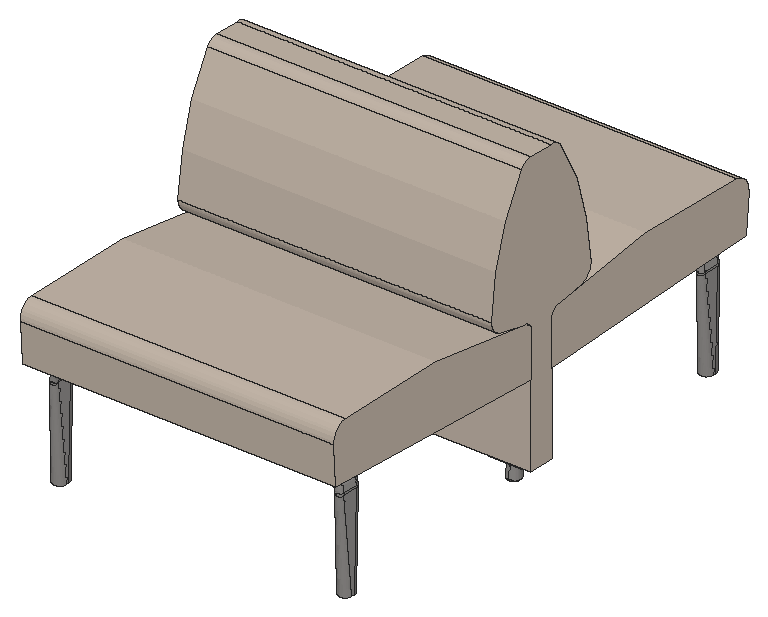
Revit family "FU_Modular_Sandler_Ambit 1045", category Furniture, Revit 2020
Family settings
  OmniClass Number = 23.40.20.00
  OmniClass Title = General Furniture and Specialties
  Work Plane-Based = No
  Always vertical = Yes
  Cut with Voids When Loaded = No
  Shared = No
  Room Calculation Point = No
Parameters (values of type "Ambit 1045")
  Width = 800 mm
  URL = "https://www.sandlerseating.com/product/ambit-1045/"
  Seat [instance] = Fabric - Gravity - Wheat CPC21
  Model = "Ambit 1045"
  Manufacturer = "Sandler"
  Height = 770 mm
  Frame [instance] = Metal - Paint -AL VR - Pewter
  Description = "Modular seating system. Upholstered seat and back, with feet in cast aluminium."
  Depth = 1320 mm
  Default Elevation = 0 mm
  Back [instance] = Fabric - Gravity - Wheat CPC21
Reference planes
  plane 1 "Center (Front/Back)": y = 0
  plane 2: z = 0
  plane 3 "Center (Left/Right)": x = 0
  plane 4 "Right": x = -400
  plane 5 "Left": x = 400
  plane 6 "Back": y = 660
  plane 7 "Front": y = -660
  plane 8 "Height": z = 770
  plane 9 "Seat height": z = 430
Dimensions and locks
  equal spacing: plane 4 "Right", plane 3 "Center (Left/Right)", plane 5 "Left"
  "Width": plane 4 "Right" to plane 5 "Left"
  equal spacing: plane 6 "Back", plane 1 "Center (Front/Back)", plane 7 "Front"
  "Depth": plane 6 "Back" to plane 7 "Front"
  "Height": plane 8 "Height" to level
  plane 9 "Seat height" to level = 430 mm
  aligned and locked: level to plane 2
Nested families
  nested 1: "Ambit DoubleBack" at (0, 0, 0), Back <- "Back", Frame <- "Frame", type "Ambit DoubleBack"
    with Frame Metal - Paint -AL VR - Pewter, Back Fabric - Gravity - Wheat CPC21
  nested 2: "Ambit Seat" at (0, -310, 0), Back <- "Back", Frame <- "Frame", Seat <- "Seat", type "Ambit Seat"
    with Seat Fabric - Gravity - Wheat CPC21, Frame Metal - Paint -AL VR - Pewter, Back Fabric - Gravity - Wheat CPC21
  nested 3: "Ambit Seat" at (0, 310, 0), Back <- "Back", Frame <- "Frame", Seat <- "Seat", type "Ambit Seat"
    with Seat Fabric - Gravity - Wheat CPC21, Frame Metal - Paint -AL VR - Pewter, Back Fabric - Gravity - Wheat CPC21
Definition of nested family "Ambit DoubleBack"
  Parameters (values of type "Ambit DoubleBack")
    Width = 800 mm
    Height = 770 mm
    Frame [instance] = none
    Depth = 320 mm
    Default Elevation = 0 mm
    Back [instance] = none
  Reference planes
    plane 1 "Center (Front/Back)": y = 0
    plane 2: z = 0
    plane 3 "Center (Left/Right)": x = 0
    plane 4 "Right": x = -400
    plane 5 "Left": x = 400
    plane 6 "Back": y = 160
    plane 7 "Front": y = -160
    plane 8 "Height": z = 770
    plane 9 "Seat height": z = 430
  Forms (mm)
    Revolve 1, solid, material <- "Frame"
      sketch origin (330.534, -318.685, 0) x (0, 1, 0) y (0, 0, 1)
        loop
          line (304.423, 40.637) -> (301.57, 2.1)
          arc (301.57, 2.1) -> (301.901, 0.817) -> (302.944, 0) r 2.065
          line (302.944, 0) -> (318.961, 0) -> (318.961, 48.022) -> (299.441, 48.022) -> (299.441, 46.076)
          arc (299.441, 46.076) -> (303.107, 44.432) -> (304.423, 40.637) r 5.065
        axis (318.961, 48.022) -> (318.961, 0)
      angle from 0 to 360
    Extrusion 2, solid, material <- "Frame"
      sketch origin (-0.482, -318.685, 51.603) x (0, -1, 0) y (1, 0, 0)
        loop
          arc (-347.852, 290.046) -> (-347.258, 288.613) -> (-345.824, 288.019) r 2.027
          line (-345.824, 288.019) -> (-291.875, 288.019)
          arc (-291.875, 288.019) -> (-290.444, 288.611) -> (-289.852, 290.042) r 2.023
          line (-289.852, 290.042) -> (-289.852, 372.037)
          arc (-289.852, 372.037) -> (-290.431, 373.436) -> (-291.83, 374.016) r 1.978
          line (-291.83, 374.016) -> (-345.837, 374.016)
          arc (-345.837, 374.016) -> (-347.262, 373.426) -> (-347.852, 372.001) r 2.015
          line (-347.852, 372.001) -> (-347.852, 290.046)
      from -5.528 to 0
    Revolve 3, solid, material <- "Frame"
      sketch origin (-330.534, -318.685, 0) x (0, 1, 0) y (0, 0, -1)
        loop
          arc (304.423, -40.637) -> (303.107, -44.432) -> (299.441, -46.076) r 5.065
          line (299.441, -46.076) -> (299.441, -48.022) -> (318.961, -48.022) -> (318.961, 0) -> (302.944, 0)
          arc (302.944, 0) -> (301.901, -0.817) -> (301.57, -2.1) r 2.065
          line (301.57, -2.1) -> (304.423, -40.637)
        axis (318.961, -48.022) -> (318.961, 0)
      angle from 0 to 360
    Extrusion 4, solid, material <- "Frame"
      sketch origin (0.482, -318.685, 51.603) x (0, -1, 0) y (1, 0, 0)
        loop
          line (-347.852, -290.046) -> (-347.852, -372.001)
          arc (-347.852, -372.001) -> (-347.262, -373.426) -> (-345.837, -374.016) r 2.015
          line (-345.837, -374.016) -> (-291.83, -374.016)
          arc (-291.83, -374.016) -> (-290.431, -373.436) -> (-289.852, -372.037) r 1.978
          line (-289.852, -372.037) -> (-289.852, -290.042)
          arc (-289.852, -290.042) -> (-290.444, -288.611) -> (-291.875, -288.019) r 2.023
          line (-291.875, -288.019) -> (-345.824, -288.019)
          arc (-345.824, -288.019) -> (-347.258, -288.613) -> (-347.852, -290.046) r 2.027
      from -5.528 to 0
    Extrusion 5, solid, material <- "Back"
      sketch origin (0, 0, 0) x (0, 1, 0) y (0, 0, 1)
        loop
          line (-33, 51.603) -> (33, 51.603) -> (33, 376.265)
          arc (33, 376.265) -> (37.75, 387.916) -> (48.518, 394.425) r 20
          arc (48.518, 394.425) -> (88.097, 402.963) -> (127.858, 410.609) r 1800.168
          arc (127.858, 410.609) -> (148.84, 423.03) -> (156.619, 446.139) r 35
          arc (156.619, 446.139) -> (130.105, 606.219) -> (62.425, 753.69) r 611.524
          arc (62.425, 753.69) -> (49.728, 765.652) -> (32.833, 770) r 35
          line (32.833, 770) -> (-32.833, 770)
          arc (-32.833, 770) -> (-49.728, 765.652) -> (-62.425, 753.69) r 35
          arc (-62.425, 753.69) -> (-130.105, 606.219) -> (-156.619, 446.139) r 611.524
          arc (-156.619, 446.139) -> (-148.84, 423.03) -> (-127.858, 410.609) r 35
          arc (-127.858, 410.609) -> (-88.097, 402.963) -> (-48.518, 394.425) r 1800.168
          arc (-48.518, 394.425) -> (-37.75, 387.916) -> (-33, 376.265) r 20
          line (-33, 376.265) -> (-33, 51.603)
      from -400 to 400
  Dimensions and locks
    equal spacing: plane 4 "Right", plane 3 "Center (Left/Right)", plane 5 "Left"
    "Width": plane 4 "Right" to plane 5 "Left"
    equal spacing: plane 6 "Back", plane 1 "Center (Front/Back)", plane 7 "Front"
    "Depth": plane 6 "Back" to plane 7 "Front"
    "Height": plane 8 "Height" to level
    plane 9 "Seat height" to level = 430 mm
    aligned and locked: level to plane 2
  Automatic sketch dimensions
    Revolve 1 sketch curve to level = 0 mm
    level to Revolve 1 sketch curve = 41.011 mm
    Revolve 1 sketch curve to plane 6 "Back" = 179.313 mm
    Revolve 1 sketch curve to Revolve 1 sketch curve = 0.069 mm
    level to Revolve 1 sketch curve = 2.1 mm
    Revolve 1 sketch curve to Revolve 1 sketch curve = 2.198 mm
    Revolve 1 sketch curve to Revolve 1 sketch curve = 1.373 mm
    level to Revolve 1 sketch curve = 1.947 mm
    level to Revolve 1 sketch curve = 40.637 mm
    Revolve 1 sketch curve to Revolve 1 sketch curve = 5.051 mm
    Revolve 1 sketch curve to Revolve 1 sketch curve = 15.332 mm
    Revolve 1 sketch curve to Revolve 1 sketch curve = 7.385 mm
    Revolve 1 sketch curve to Revolve 1 sketch curve = 0 mm
    Revolve 1 sketch curve to level = 4.899 mm
    Revolve 1 sketch curve to Revolve 1 sketch curve = 5 mm
    plane 5 "Left" to Extrusion 2 sketch curve = 110.435 mm
    Extrusion 2 sketch curve to plane 6 "Back" = 130.833 mm
    Extrusion 2 sketch curve to Extrusion 2 sketch curve = 2.015 mm
    Extrusion 2 sketch curve to Extrusion 2 sketch curve = 2.027 mm
    Extrusion 2 sketch curve to Extrusion 2 sketch curve = 53.95 mm
    Extrusion 2 sketch curve to Extrusion 2 sketch curve = 54.007 mm
    Extrusion 2 sketch curve to Extrusion 2 sketch curve = 2.023 mm
    plane 5 "Left" to Extrusion 2 sketch curve = 28.481 mm
    Revolve 3 sketch curve to level = 0 mm
    level to Revolve 3 sketch curve = 41.011 mm
    Revolve 3 sketch curve to plane 6 "Back" = 179.313 mm
    Revolve 3 sketch curve to Revolve 3 sketch curve = 0.069 mm
    level to Revolve 3 sketch curve = 2.1 mm
    Revolve 3 sketch curve to Revolve 3 sketch curve = 2.198 mm
    Revolve 3 sketch curve to Revolve 3 sketch curve = 1.373 mm
    level to Revolve 3 sketch curve = 1.947 mm
    level to Revolve 3 sketch curve = 40.637 mm
    Revolve 3 sketch curve to Revolve 3 sketch curve = 5.051 mm
    Revolve 3 sketch curve to Revolve 3 sketch curve = 15.332 mm
    Revolve 3 sketch curve to Revolve 3 sketch curve = 1.946 mm
    Revolve 3 sketch curve to Revolve 3 sketch curve = 0 mm
    Revolve 3 sketch curve to Revolve 3 sketch curve = 5 mm
    Revolve 3 sketch curve to level = 4.899 mm
    Extrusion 4 sketch curve to plane 4 "Right" = 110.435 mm
    Extrusion 4 sketch curve to plane 6 "Back" = 130.833 mm
    Extrusion 4 sketch curve to Extrusion 4 sketch curve = 2.015 mm
    Extrusion 4 sketch curve to Extrusion 4 sketch curve = 2.027 mm
    Extrusion 4 sketch curve to Extrusion 4 sketch curve = 53.95 mm
    Extrusion 4 sketch curve to Extrusion 4 sketch curve = 54.007 mm
    Extrusion 4 sketch curve to Extrusion 4 sketch curve = 2.023 mm
    Extrusion 4 sketch curve to plane 4 "Right" = 28.481 mm
    Extrusion 5 sketch curve to plane 8 "Height" = 0 mm
    Extrusion 5 sketch curve to plane 7 "Front" = 287.893 mm
    Extrusion 5 sketch curve to plane 9 "Seat height" = 2.863 mm  (x2)
    Extrusion 5 sketch curve to plane 7 "Front" = 294.609 mm
    plane 9 "Seat height" to Extrusion 5 sketch curve = 15.052 mm  (x2)
    plane 7 "Front" to Extrusion 5 sketch curve = 38.364 mm
    plane 1 "Center (Front/Back)" to Extrusion 5 sketch curve = 52.955 mm
    plane 1 "Center (Front/Back)" to Extrusion 5 sketch curve = 33 mm
    plane 1 "Center (Front/Back)" to Extrusion 5 sketch curve = 32.833 mm
    Extrusion 5 sketch curve to plane 1 "Center (Front/Back)" = 32.833 mm
    Extrusion 5 sketch curve to plane 1 "Center (Front/Back)" = 33 mm
    Extrusion 5 sketch curve to Extrusion 5 sketch curve = 19.955 mm
    Extrusion 5 sketch curve to plane 6 "Back" = 38.364 mm
    plane 6 "Back" to Extrusion 5 sketch curve = 294.609 mm
    plane 6 "Back" to Extrusion 5 sketch curve = 287.893 mm
    Extrusion 5 sketch curve to plane 9 "Seat height" = 53.735 mm  (x2)
    Extrusion 5 sketch curve to Extrusion 5 sketch curve = 1.342 mm  (x2)
    level to Extrusion 5 sketch curve = 51.603 mm
    Extrusion 5 sketch curve to level = 1360.883 mm
    Extrusion 5 sketch curve to Extrusion 5 sketch curve = 0 mm  (x6)
    Extrusion 5 sketch curve to Extrusion 5 sketch curve = 35 mm  (x2)
    plane 7 "Front" to Extrusion 5 sketch curve = 3.381 mm
Definition of nested family "Ambit Seat"
  Parameters (values of type "Ambit 1040")
    Width = 800 mm
    URL = "https://www.sandlerseating.com/product/ambit-1040/"
    Seat [instance] = none
    Model = "Ambit 1040"
    Manufacturer = "Sandler"
    Height = 770 mm
    Frame [instance] = none
    Description = "Modular seating system. Upholstered seat and back, with feet in cast aluminium."
    Depth = 700 mm
    Default Elevation = 0 mm
    Back [instance] = none
  Reference planes
    plane 1 "Center (Front/Back)": y = 0
    plane 2: z = 0
    plane 3 "Center (Left/Right)": x = 0
    plane 4 "Right": x = -400
    plane 5 "Left": x = 400
    plane 6 "Back": y = 350
    plane 7 "Front": y = -350
    plane 8 "Height": z = 770
    plane 9 "Seat height": z = 430
    plane 10 "FFT C RIGHT": z = 285.404
    plane 11 "FFV  C RIGHT": y = -265.648
  Forms (mm)
    SweptBlend 1, solid, material <- "Frame"
      path origin (0, -265.648, 0) x (0, 0, -1) y (1, 0, 0)
        loop
          line (0, 364.075) -> (-239.72, 364.075)
      profile "Pro_Ambit_FFoot : Pro_Ambit_FFoot" origin (364.075, -265.648, 0) x (-1, 0, 0) y (0, -1, 0)
        loop
          arc (17.452, 3.305) -> (0, 20.142) -> (-17.452, 3.305) r 17.463
          line (-17.452, 3.305) -> (-17.452, -3.305)
          arc (-17.452, -3.305) -> (0, -20.142) -> (17.452, -3.305) r 17.463
          line (17.452, -3.305) -> (17.452, 3.305)
      end profile "Pro_Ambit_FF : Pro_Ambit_FF" origin (364.075, -265.648, 239.72) x (-1, 0, 0) y (0, -1, 0)
        loop
          arc (-10, -20.066) -> (0, -30.066) -> (10, -20.066) r 10
          line (10, -20.066) -> (10, 20.066)
          arc (10, 20.066) -> (0, 30.066) -> (-10, 20.066) r 10
          line (-10, 20.066) -> (-10, -20.066)
    Sweep 2, solid, material <- "Frame"
      path origin (0, -265.648, 0) x (0, 0, -1) y (1, 0, 0)
        loop
          line (-234.72, -364.14) -> (-239.72, -364.14)
          arc (-239.72, -364.14) -> (-272.419, -345.952) -> (-285.404, -310.86) r 53.912
          line (-285.404, -310.86) -> (-285.404, 310.86)
          arc (-285.404, 310.86) -> (-272.419, 345.952) -> (-239.72, 364.14) r 53.912
          line (-239.72, 364.14) -> (-234.72, 364.14)
      profile "Pro_Ambit_FF : Pro_Ambit_FF" origin (0, -265.648, 285.404) x (0, 0, 1) y (0, -1, 0)
        loop
          arc (-10, -20.066) -> (0, -30.066) -> (10, -20.066) r 10
          line (10, -20.066) -> (10, 20.066)
          arc (10, 20.066) -> (0, 30.066) -> (-10, 20.066) r 10
          line (-10, 20.066) -> (-10, -20.066)
    SweptBlend 3, solid, material <- "Frame"
      path origin (0, -265.648, 0) x (0, 0, -1) y (-1, 0, 0)
        loop
          line (0, 364.075) -> (-239.72, 364.075)
      profile "Pro_Ambit_FFoot : Pro_Ambit_FFoot" origin (-364.075, -265.648, 0) x (-1, 0, 0) y (0, -1, 0)
        loop
          line (-17.452, 3.305) -> (-17.452, -3.305)
          arc (-17.452, -3.305) -> (0, -20.142) -> (17.452, -3.305) r 17.463
          line (17.452, -3.305) -> (17.452, 3.305)
          arc (17.452, 3.305) -> (0, 20.142) -> (-17.452, 3.305) r 17.463
      end profile "Pro_Ambit_FF : Pro_Ambit_FF" origin (-364.075, -265.648, 239.72) x (-1, 0, 0) y (0, -1, 0)
        loop
          line (-10, 20.066) -> (-10, -20.066)
          arc (-10, -20.066) -> (0, -30.066) -> (10, -20.066) r 10
          line (10, -20.066) -> (10, 20.066)
          arc (10, 20.066) -> (0, 30.066) -> (-10, 20.066) r 10
    Extrusion 4, solid, material <- "Seat"
      sketch origin (-400, 0, 0) x (0, -1, 0) y (0, 0, 1)
        loop
          line (343.115, 289.761) -> (350.038, 388.028)
          arc (350.038, 388.028) -> (340.698, 416.645) -> (314.05, 430.647) r 40
          arc (314.05, 430.647) -> (24.831, 435.731) -> (-261.468, 394.425) r 1800.168
          arc (-261.468, 394.425) -> (-272.664, 387.398) -> (-277.031, 374.923) r 20
          line (-277.031, 374.923) -> (-277.031, 260.098) -> (343.115, 289.761)
      from -800 to 0
  Dimensions and locks
    equal spacing: plane 4 "Right", plane 3 "Center (Left/Right)", plane 5 "Left"
    "Width": plane 4 "Right" to plane 5 "Left"
    equal spacing: plane 6 "Back", plane 1 "Center (Front/Back)", plane 7 "Front"
    "Depth": plane 6 "Back" to plane 7 "Front"
    "Height": plane 8 "Height" to level
    plane 9 "Seat height" to level = 430 mm
    aligned and locked: level to plane 2
  Automatic sketch dimensions
    SweptBlend 1 sketch curve to level = 0 mm
    SweptBlend 1 sketch curve to plane 10 "FFT C RIGHT" = 45.683 mm
    Sweep 2 sketch curve to plane 10 "FFT C RIGHT" = 0 mm
    Sweep 2 sketch curve to plane 10 "FFT C RIGHT" = 45.683 mm  (x2)
    Sweep 2 sketch curve to plane 10 "FFT C RIGHT" = 53.912 mm  (x2)
    Sweep 2 sketch curve to plane 4 "Right" = 89.14 mm
    Sweep 2 sketch curve to Sweep 2 sketch curve = 5 mm  (x2)
    SweptBlend 3 sketch curve to level = 0 mm
    plane 4 "Right" to SweptBlend 3 sketch curve = 35.925 mm
    plane 10 "FFT C RIGHT" to SweptBlend 3 sketch curve = 45.683 mm
    Extrusion 4 sketch curve to Extrusion 4 sketch curve = 20 mm
    Extrusion 4 sketch curve to plane 11 "FFV  C RIGHT" = 127.741 mm
    plane 7 "Front" to Extrusion 4 sketch curve = 39.864 mm
    plane 7 "Front" to Extrusion 4 sketch curve = 6.885 mm
    Extrusion 4 sketch curve to plane 7 "Front" = 0.038 mm
    Extrusion 4 sketch curve to level = 1360.883 mm
    Extrusion 4 sketch curve to plane 10 "FFT C RIGHT" = 25.306 mm
    plane 10 "FFT C RIGHT" to Extrusion 4 sketch curve = 4.357 mm
    Extrusion 4 sketch curve to plane 9 "Seat height" = 55.077 mm
    Extrusion 4 sketch curve to plane 9 "Seat height" = 41.972 mm
    Extrusion 4 sketch curve to plane 9 "Seat height" = 39.161 mm
    Extrusion 4 sketch curve to Extrusion 4 sketch curve = 0 mm
    plane 5 "Left" to SweptBlend 1 sketch curve = 35.925 mm
    plane 5 "Left" to Sweep 2 sketch curve = 89.14 mm
    Extrusion 4 sketch curve to plane 6 "Back" = 92.969 mm
